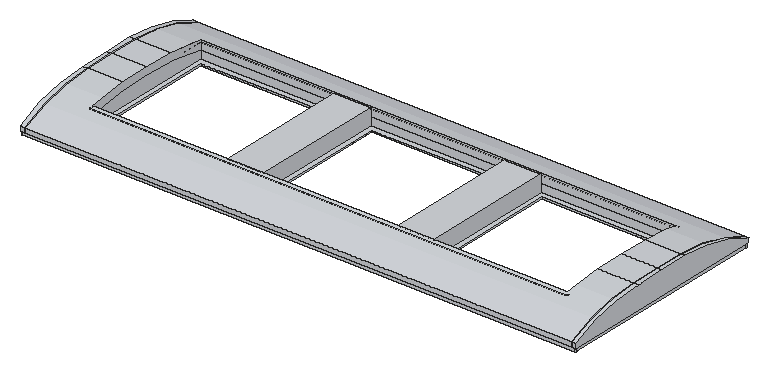
Revit family "Gira_021308", category Electrical Fixtures, host Face, Revit 2017
Family settings
  Host = Face
  Maintain Annotation Orientation = No
  Round Connector Dimension = Use Diameter
  Part Type = Normal
  Cut with Voids When Loaded = No
  Shared = No
  Room Calculation Point = No
Parameters (values of type "Abdeckrahmen 3f Zwischenr. AN Gira Event Anthrazit")
  Werkstoffgüte = "Thermoplast"
  Werkstoff = "Kunststoff"
  URL = "http://katalog.gira.de/de_DE/datenblatt.html?artikelnr=021308"
  Transparent = "No"
  Textfeld/Beschriftungsfläche = "No"
  Schutzart (IP) = "IP20"
  Region = "DE"
  Oberfläche = "sonstige"
  Name = "Abdeckrahmen 3f Zwischenr. AN Gira Event Anthrazit"
  Montagerichtung = "horizontal und vertikal"
  Mit Montagerahmen = "No"
  Mit Klappdeckel = "No"
  Manufacturer URL = "https://www.gira.de/"
  Keynote = "Event_Rahmen_3fach"
  HeinzeBIM = "https://bimportal.heinze.de/bim/abdeckrahmen-3f-zwischenr-an-gira-event-anthrazit/b87d237dba92269e68021063f65fa8bda0648348"
  Halogenfrei = "Yes"
  HAN = "021308"
  Geeignet für Unterputz-Installation = "Yes"
  Geeignet für Unterflurkanaldose = "No"
  Geeignet für Geräteeinbaukanal = "No"
  Geeignet für Einbauinstallation = "No"
  GTIN = "4010337213086"
  Farbe = "anthrazit"
  Default Elevation = 1219.2 mm
  Data sheet (1) = "https://katalog.gira.de/de_DE/download.html?artikelnr=021308"
  Category = "Abdeckrahmen"
  Befestigungsart = "Klemmbefestigung"
  Available = "Yes"
  Anzahl der Einheiten vertikal = "3 "
  Anzahl der Einheiten horizontal = "3 "
  Anzahl der Einheiten = "3 "
Reference planes
  plane 1 "Center (Front/Back)": y = 0
  plane 2: z = 0
  plane 3 "Center (Left/Right)": x = 0
Forms (mm)
  Extrusion 1, solid, detail levels fine
    sketch origin (0, 0, 0.05) x (0, 1, 0) y (0, 0, 1)
      loop
        arc (12.445, 9.683) -> (6.223, 9.833) -> (0, 9.85) r 291.636
        arc (0, 9.85) -> (-6.223, 9.833) -> (-12.445, 9.683) r 291.636
        arc (-12.445, 9.683) -> (-29.14, 7.482) -> (-45, 1.823) r 79.728
        line (-45, 1.823) -> (-45, -0.05) -> (-42.086, -0.05)
        arc (-42.086, -0.05) -> (-21.385, 5.559) -> (0, 7.206) r 114.424
        arc (0, 7.206) -> (21.385, 5.559) -> (42.086, -0.05) r 114.424
        line (42.086, -0.05) -> (45, -0.05) -> (45, 1.823)
        arc (45, 1.823) -> (29.14, 7.482) -> (12.445, 9.683) r 79.728
    from -114.3 to 114.3
  Extrusion 2, void, detail levels fine
    sketch origin (0, 0, 0) x (1, 0, 0) y (0, 1, 0)
      loop
        line (-99.355, -28.053) -> (99.355, -28.053) -> (99.355, 28.053) -> (-99.355, 28.053) -> (-99.355, -28.053)
    from 0.724 to 11
  Extrusion 3, solid, detail levels coarse
    sketch origin (0, 0, 0) x (1, 0, 0) y (0, 1, 0)
      loop
        line (-116.3, 45) -> (-116.3, -45) -> (116.3, -45) -> (116.3, 45) -> (-116.3, 45)
    from -1.5 to 9.9
  Extrusion 4, solid, detail levels medium
    sketch origin (0, 0, 0.05) x (0, 1, 0) y (0, 0, 1)
      loop
        arc (12.445, 9.683) -> (6.223, 9.833) -> (0, 9.85) r 291.636
        arc (0, 9.85) -> (-6.223, 9.833) -> (-12.445, 9.683) r 291.636
        arc (-12.445, 9.683) -> (-29.14, 7.482) -> (-45, 1.823) r 79.728
        line (-45, 1.823) -> (-45, -0.05) -> (45, -0.05) -> (45, 1.823)
        arc (45, 1.823) -> (29.14, 7.482) -> (12.445, 9.683) r 79.728
    from -116.3 to 116.3
  Extrusion 5, solid, detail levels fine
    sketch origin (-71.3, 0, -1.5) x (0, 1, 0) y (0, 0, -1)
      loop
        line (45, -3.373) -> (45, -1.5) -> (-45, -1.5) -> (-45, -3.373)
        arc (-45, -3.373) -> (-29.14, -9.032) -> (-12.445, -11.233) r 79.728
        arc (-12.445, -11.233) -> (-6.223, -11.383) -> (0, -11.4) r 291.636
        arc (0, -11.4) -> (6.223, -11.383) -> (12.445, -11.233) r 291.636
        arc (12.445, -11.233) -> (29.14, -9.032) -> (45, -3.373) r 79.728
    from 43 to 45
  Extrusion 6, solid, detail levels fine
    sketch origin (0, 0, 0) x (1, 0, 0) y (0, 1, 0)
      loop
        line (-97.195, 25.7) -> (-97.195, -25.7) -> (-45.395, -25.7) -> (-45.395, 25.7) -> (-97.195, 25.7)
      loop
        line (25.9, -25.7) -> (25.9, 25.7) -> (-25.9, 25.7) -> (-25.9, -25.7) -> (25.9, -25.7)
      loop
        line (-100.19, 28.49) -> (-100.19, -28.495)
        spline (-100.19, -28.495) -> (-100.181, -28.625) -> (-100.156, -28.754) -> (-100.113, -28.878) -> (-100.056, -28.995) -> (-99.983, -29.104) -> (-99.897, -29.202) -> (-99.798, -29.288) -> (-99.69, -29.361) -> (-99.572, -29.419) -> (-99.448, -29.461) -> (-99.32, -29.486) -> (-99.19, -29.495)
        line (-99.19, -29.495) -> (99.195, -29.495)
        spline (99.195, -29.495) -> (99.325, -29.486) -> (99.454, -29.461) -> (99.578, -29.419) -> (99.695, -29.361) -> (99.804, -29.288) -> (99.902, -29.202) -> (99.988, -29.104) -> (100.061, -28.995) -> (100.119, -28.878) -> (100.161, -28.754) -> (100.186, -28.625) -> (100.195, -28.495)
        line (100.195, -28.495) -> (100.195, 28.49)
        spline (100.195, 28.49) -> (100.186, 28.62) -> (100.161, 28.748) -> (100.119, 28.872) -> (100.061, 28.99) -> (99.988, 29.098) -> (99.902, 29.197) -> (99.804, 29.283) -> (99.695, 29.356) -> (99.578, 29.413) -> (99.454, 29.456) -> (99.325, 29.481) -> (99.195, 29.49)
        line (99.195, 29.49) -> (-99.19, 29.49)
        spline (-99.19, 29.49) -> (-99.32, 29.481) -> (-99.448, 29.456) -> (-99.572, 29.413) -> (-99.69, 29.356) -> (-99.798, 29.283) -> (-99.897, 29.197) -> (-99.983, 29.098) -> (-100.056, 28.99) -> (-100.113, 28.872) -> (-100.156, 28.748) -> (-100.181, 28.62) -> (-100.19, 28.49)
      loop
        line (97.2, -25.7) -> (97.2, 25.7) -> (45.4, 25.7) -> (45.4, -25.7) -> (97.2, -25.7)
    from 0.1 to 7.3
  Extrusion 7, solid
    sketch origin (0, 0, 0) x (1, 0, 0) y (0, 1, 0)
      loop
        arc (-116, -44.2) -> (-115.854, -44.554) -> (-115.5, -44.7) r 0.5
        line (-115.5, -44.7) -> (115.5, -44.7)
        arc (115.5, -44.7) -> (115.854, -44.554) -> (116, -44.2) r 0.5
        line (116, -44.2) -> (116, 44.2)
        arc (116, 44.2) -> (115.854, 44.554) -> (115.5, 44.7) r 0.5
        line (115.5, 44.7) -> (-115.5, 44.7)
        arc (-115.5, 44.7) -> (-115.854, 44.554) -> (-116, 44.2) r 0.5
        line (-116, 44.2) -> (-116, -44.2)
      loop
        line (-114.3, 43) -> (-114.3, -43) -> (114.3, -43) -> (114.3, 43) -> (-114.3, 43)
    from -1.5 to 0.5
  Extrusion 8, solid, detail levels fine
    sketch origin (71.3, 0, -1.5) x (0, 1, 0) y (0, 0, 1)
      loop
        arc (45, 3.373) -> (29.14, 9.032) -> (12.445, 11.233) r 79.728
        arc (12.445, 11.233) -> (6.223, 11.383) -> (0, 11.4) r 291.636
        arc (0, 11.4) -> (-6.223, 11.383) -> (-12.445, 11.233) r 291.636
        arc (-12.445, 11.233) -> (-29.14, 9.032) -> (-45, 3.373) r 79.728
        line (-45, 3.373) -> (-45, 1.5) -> (45, 1.5) -> (45, 3.373)
    from 43 to 45
  Extrusion 9, solid, detail levels medium
    sketch origin (0, 0, 0) x (1, 0, 0) y (0, 1, 0)
      loop
        line (-116, -44.7) -> (116, -44.7) -> (116, 44.7) -> (-116, 44.7) -> (-116, -44.7)
    from -1.5 to 0.5
  Extrusion 10, solid, detail levels fine
    sketch origin (-34.207, 0, 0) x (1, 0, 0) y (0, 1, 0)
      loop
        line (-8.943, 28.063) -> (-8.943, -27.937) -> (6.057, -27.937) -> (6.057, 28.063) -> (-8.943, 28.063)
    from 0.724 to 7.566
  Extrusion 11, solid, detail levels fine
    sketch origin (34.207, 0, 0) x (-1, 0, 0) y (0, -1, 0)
      loop
        line (-8.943, -28.063) -> (6.057, -28.063) -> (6.057, 27.937) -> (-8.943, 27.937) -> (-8.943, -28.063)
    from 0.724 to 7.566
Cuts and joins
  Extrusion 2 cuts Extrusion 1
  Extrusion 2 cuts Extrusion 6
Dimensions and locks
  aligned and locked: plane 2 to host face
  aligned and locked: level to host face
